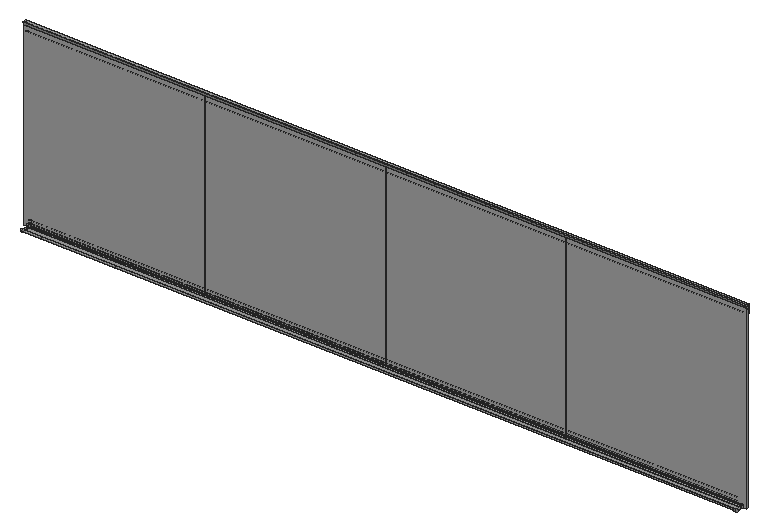
Revit family "Fluent Glass Wall 4x16", category Generic Models, Revit 2018
Family settings
  Can host rebar = No
  Round Connector Dimension = Use Diameter
  Part Type = Normal
  Work Plane-Based = No
  Always vertical = Yes
  Cut with Voids When Loaded = No
  Shared = No
  Room Calculation Point = No
Parameters
  Panel #4 = Fluent Glass Wall 4x16 Panel #4
  Panel #3 = Fluent Glass Wall 4x16 Panel #3
  Panel #2 = Fluent Glass Wall 4x16 Panel #2
  Panel #1 = Fluent Glass Wall 4x16 Panel #1
Reference planes (in)
  plane 1 "Center (Front/Back)": y = 0
  plane 2: z = 0
  plane 3 "Center (Left/Right)": x = 0
Forms (in)
  Extrusion 1, solid, material "Fluent Glass Wall Trim Metal"
    sketch origin (-47.24409, 0, 18) x (0, 1, 0) y (0, 0, 1)
      loop
        line (-0.28802, 12.71551) -> (-0.28802, 12.22363) -> (-0.48802, 12.22363) -> (-0.48802, 12.77363) -> (-0.60087, 12.77363)
        arc (-0.60087, 12.77363) -> (-0.62209, 12.76485) -> (-0.63087, 12.74363) r 0.03
        line (-0.63087, 12.74363) -> (-0.63087, 12.45418)
        arc (-0.63087, 12.45418) -> (-0.67788, 12.32564) -> (-0.79672, 12.25776) r 0.19924
        arc (-0.79672, 12.25776) -> (-0.86084, 12.24904) -> (-0.92548, 12.24613) r 0.7187
        line (-0.92548, 12.24613) -> (-1.97548, 12.24613)
        arc (-1.97548, 12.24613) -> (-2.26159, 12.30205) -> (-2.50559, 12.4616) r 0.75985
        arc (-2.50559, 12.4616) -> (-2.80704, 12.55283) -> (-2.79142, 12.23827) r 0.19261
        arc (-2.79142, 12.23827) -> (-2.48945, 12.06146) -> (-2.14496, 12) r 0.99607
        line (-2.14496, 12) -> (0, 12) -> (0, 12.30193)
        arc (0, 12.30193) -> (-0.0275, 12.32943) -> (-0.055, 12.30193) r 0.0275
        line (-0.055, 12.30193) -> (-0.055, 12.20843) -> (-0.20802, 12.20843) -> (-0.20802, 12.69439) -> (-0.0848, 12.81762)
        arc (-0.0848, 12.81762) -> (-0.06815, 12.82253) -> (-0.055, 12.81121) r 0.01814
        line (-0.055, 12.81121) -> (-0.055, 12.65693)
        arc (-0.055, 12.65693) -> (-0.0275, 12.62943) -> (0, 12.65693) r 0.0275
        line (0, 12.65693) -> (0, 13.70847)
        arc (0, 13.70847) -> (-0.03996, 13.74843) -> (-0.07993, 13.70847) r 0.03996
        line (-0.07993, 13.70847) -> (-0.07993, 13.62094)
        arc (-0.07993, 13.62094) -> (-0.07047, 13.60109) -> (-0.05, 13.59302) r 0.03
        line (-0.05, 13.59302) -> (-0.05, 13.15338)
        arc (-0.05, 13.15338) -> (-0.07121, 13.14459) -> (-0.08, 13.12338) r 0.03
        line (-0.08, 13.12338) -> (-0.08, 12.92353) -> (-0.28802, 12.71551)
    from -46.26181 to 140.75
  Extrusion 2, solid, material "Fluent Glass Wall Trim Metal"
    sketch origin (-47.24409, 0, -5.35978) x (0, 1, 0) y (0, 0, 1)
      loop
        line (0, 83.35978) -> (-0.645, 83.35978)
        arc (-0.645, 83.35978) -> (-0.73852, 83.31739) -> (-0.76829, 83.21911) r 0.12436
        arc (-0.76829, 83.21911) -> (-0.57148, 82.66433) -> (-0.166, 82.23759) r 1.41542
        line (-0.166, 82.23759) -> (-0.166, 82.19574)
        arc (-0.166, 82.19574) -> (-0.16235, 82.17737) -> (-0.15194, 82.1618) r 0.048
        line (-0.15194, 82.1618) -> (-0.1, 82.10985) -> (-0.1, 81.00078)
        arc (-0.1, 81.00078) -> (-0.05, 80.95078) -> (0, 81.00078) r 0.05
        line (0, 81.00078) -> (0, 83.35978)
    from -47.24409 to 141.73228
  Extrusion 3, solid, material "Fluent Glass Wall 4x16 Panel #2" <- "Panel #2"
    sketch origin (-47.24409, 0, -5.35978) x (0, 1, 0) y (0, 0, 1)
      loop
        line (-0.48802, 35.58341) -> (-0.28802, 35.58341) -> (-0.28802, 83.08978) -> (-0.48802, 83.08978) -> (-0.48802, 35.58341)
    from 0 to 47.24409
  Extrusion 4, solid, material "Fluent Glass Wall 4x16 Panel #1" <- "Panel #1"
    sketch origin (-47.24409, 0, -5.35978) x (0, 1, 0) y (0, 0, -1)
      loop
        line (-0.48802, -35.58341) -> (-0.48802, -83.08978) -> (-0.28802, -83.08978) -> (-0.28802, -35.58341) -> (-0.48802, -35.58341)
    from 0 to 47.24409
  Extrusion 5, solid, material "Fluent Glass Wall Trim Black"
    sketch origin (-47.24409, 0, 18) x (0, 1, 0) y (0, 0, -1)
      loop
        line (-0.48802, -12.80488) -> (-0.48802, -11.96875) -> (-2.14496, -11.96875)
        arc (-2.14496, -11.96875) -> (-2.49924, -12.03177) -> (-2.81005, -12.2131) r 1.02732
        arc (-2.81005, -12.2131) -> (-2.82851, -12.57569) -> (-2.47857, -12.47895) r 0.22386
        arc (-2.47857, -12.47895) -> (-2.24646, -12.32965) -> (-1.97548, -12.27738) r 0.7286
        line (-1.97548, -12.27738) -> (-0.92548, -12.27738)
        arc (-0.92548, -12.27738) -> (-0.86355, -12.28017) -> (-0.80213, -12.28853) r 0.68745
        arc (-0.80213, -12.28853) -> (-0.70181, -12.34573) -> (-0.66212, -12.45418) r 0.16799
        line (-0.66212, -12.45418) -> (-0.66212, -12.74363)
        arc (-0.66212, -12.74363) -> (-0.64418, -12.78694) -> (-0.60087, -12.80488) r 0.06125
        line (-0.60087, -12.80488) -> (-0.48802, -12.80488)
    from 45.75863 to 46.29027
  Extrusion 6, solid, material "Fluent Glass Wall 4x16 Panel #3" <- "Panel #3"
    sketch origin (0, 0, -5.35978) x (0, 1, 0) y (0, 0, 1)
      loop
        line (-0.48802, 35.58341) -> (-0.28802, 35.58341) -> (-0.28802, 83.08978) -> (-0.48802, 83.08978) -> (-0.48802, 35.58341)
    from 0 to 47.24409
  Extrusion 7, solid, material "Fluent Glass Wall 4x16 Panel #4" <- "Panel #4"
    sketch origin (47.24409, 0, -5.35978) x (0, 1, 0) y (0, 0, 1)
      loop
        line (-0.48802, 35.58341) -> (-0.28802, 35.58341) -> (-0.28802, 83.08978) -> (-0.48802, 83.08978) -> (-0.48802, 35.58341)
    from 0 to 47.24409
  Extrusion 8, solid, material "Fluent Glass Wall Trim Black"
    sketch origin (47.24409, 0, 18) x (0, 1, 0) y (0, 0, 1)
      loop
        line (-0.48802, 12.80488) -> (-0.60087, 12.80488)
        arc (-0.60087, 12.80488) -> (-0.64418, 12.78694) -> (-0.66212, 12.74363) r 0.06125
        line (-0.66212, 12.74363) -> (-0.66212, 12.45418)
        arc (-0.66212, 12.45418) -> (-0.70181, 12.34573) -> (-0.80213, 12.28853) r 0.16799
        arc (-0.80213, 12.28853) -> (-0.86355, 12.28017) -> (-0.92548, 12.27738) r 0.68745
        line (-0.92548, 12.27738) -> (-1.97548, 12.27738)
        arc (-1.97548, 12.27738) -> (-2.24646, 12.32965) -> (-2.47857, 12.47895) r 0.7286
        arc (-2.47857, 12.47895) -> (-2.82851, 12.57569) -> (-2.81005, 12.2131) r 0.22386
        arc (-2.81005, 12.2131) -> (-2.49924, 12.03177) -> (-2.14496, 11.96875) r 1.02732
        line (-2.14496, 11.96875) -> (-0.48802, 11.96875) -> (-0.48802, 12.80488)
    from 45.75863 to 46.29027
Dimensions and locks (in)
  aligned and locked: plane 2 to level
